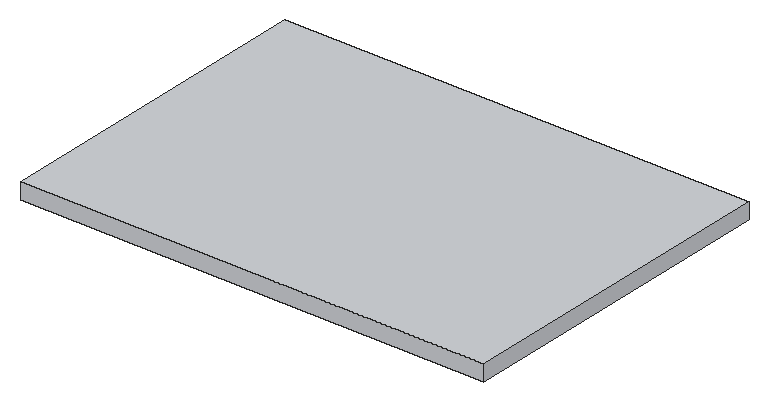
Revit family "XT - L PALANCA", category Aparatos sanitarios, Revit 2016
Family settings
  Anfitrión = Cara
  Tipo de pieza = Normal
  Cota de conector redondo = Diámetro de uso
  Número OmniClass = 23.45.05.14.14
  Título OmniClass = Sinks/Lavatories
  Corte con vacíos al cargar = No
  Compartido = No
  Punto de cálculo de habitación = No
Parameters
  WFU = 0
  URL = "http://www.prestoiberica.com"
  Sistema = "AFS / ACS"
  Referencia = "26661"
  Peso = 0.905 kg
  Notas de suministro = "Suministrado con arandela, junta y tuerca de fijación."
  Modelo = "PRESTO XT - L PALANCA"
  Material = Latón, cromado
  HWFU = 0
  Fabricante = "PRESTO IBÉRICA"
  Email = "info@prestoiberica.com"
  Teléfono = "+34 915 782 575"
  Default Elevation = 48"
  Diámetro entrada = 1/2"
  Descripción = "Cuerpo y pulsador en latón cromado, piezas interiores en materiales resistentes a la corrosión e incrustaciones calcáreas."
  Código de montaje = "D2020"
  Comentarios de tipo = "Fabricado con materiales de alta resistencia y duración. Cabeza intercambiable que comprende todo el mecanismo del grifo. Gran facilidad de maniobra, con posibilidad de accionar el grifo con el brazo o codo."
  Cierre = "15 seg."
  Caudal = 6.0 L/min
  CWFU = 1
  Accionamiento = "Por pulsador"
Reference planes (in)
  plane 1 "Centro (Frontal/Posterior)": y = 0
  plane 2: z = 0
  plane 3 "Centro (Izquierda/Derecha)": x = 0
Forms (in)
  Extrusion 1, solid
    sketch origin (0, 0, 0) x (1, 0, 0) y (0, 1, 0)
      loop
        line (-6.44299, 4.74141) -> (-6.44299, -4.80498) -> (6.97478, -4.80498) -> (6.97478, 4.74141) -> (-6.44299, 4.74141)
    from 0 to -0.46774
Dimensions and locks (in)
  aligned and locked: plane 2 to Extrusion 1
  aligned and locked: level to Extrusion 1
Connectors (in)
  piping at (0, 0.03116, -1.9685), diameter 0.5, driven by "Caudal", driven by "Diámetro entrada"
    settings: on import instance, index 1, connector inside diameter 609.6 mm, connector length 0", flow factor 0, pipe flow 6.0 L/min, pressure drop 0.0 Pa, fitting loss kfactor 0, connector angle 0.00°, fixture units 0, engagement length 0", angle of deflection 0.00°, flow configuration 0, flow direction 1, fitting loss method 0, system type 20, joint type 0, gender type 0, connector reference index -1, connector utility 0, adjustable connector no, is connector primary yes, connector description ""
